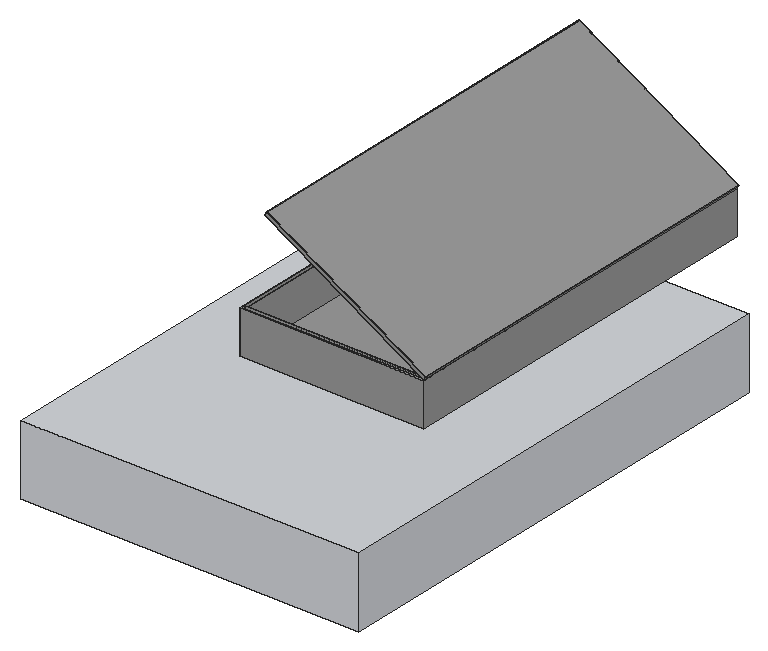
Revit family "Hager-Univers-IP44-D205-H1700-Cl.II-Encl-CH-de", category Equipement électrique, Revit 2020
Family settings
  Hôte = Face
  Configuration du panneau = Deux colonnes, circuits au sein
  Cote de connecteur circulaire = Utiliser le diamètre
  Type d'élément = Tableau de raccordement
  Couper avec des vides une fois chargée = Non
  Partagée = Non
  Point de calcul de pièce = Non
Parameters (values of type "Aufputz IP44 B800 H1700 T205  - FP13SN2")
  Width Control [instance] = if([EF000008 - Breite] > Min Width, [EF000008 - Breite], Min Width)  # 800 mm
  Commentaires du type = [HG000003 - Bereich]  # "Univers"
  Thickness Door [instance] = if([EF009171 - Materialstärke Tür/Deckel] > 3 mm, 3 mm, [EF009171 - Materialstärke Tür/Deckel])  # 1 mm
  Seal Frame Offset [instance] = 17 mm  # constant formula
  Plinth Visibility [instance] = [HG000027 - Sockelhöhe] > 0 mm  # no
  Model = ""
  Min Width [instance] = 100 mm  # constant formula
  Min Height [instance] = 100 mm  # constant formula
  Min Depth [instance] = (2 * [EF009170 - Materialstärke Gehäuse]) + 1 mm  # 3 mm
  Internal Frame Depth [instance] = (Door System Depth * 0.5)  # 9 mm
  Height Control [instance] = if([EF000040 - Höhe] > Min Height, [EF000040 - Höhe], Min Height)  # 1700 mm
  HG000027 - Sockelhöhe = 0 mm
  HG000026 - Stehend auf dem Boden = no
  HG000024 - Höhe des unteren Teils = 800 mm
  HG000023 - Gehäuse mit doppeltem Querschnitt = no
  HG000016 - 3D-Türsichtbarkeit [instance] = yes
  HG000015 - Sichtbarkeit der Türöffnung [instance] = no
  HG000014 - Tür rechts [instance] = yes
  HG000013 - Tür links [instance] = not([HG000014 - Tür rechts])  # no
  HG000012 - Türschwenkwinkel [instance] = 30.00°
  HG000010 - Asymmetrische Türen = no
  HG000009 - Doppelflügeligen Tür = no
  HG000006 - Unterputz = no
  HG000004 - Herstellerreferenz = "FP13SN2"
  HG000003 - Bereich = "Univers"
  HG000002 - Mit tür = yes
  Frame Offset Bottom [instance] = 10 mm  # constant formula
  Frame Offset [instance] = 15 mm  # constant formula
  EF015940 - Deckel mit Überdruckentlastung = no
  EF011959 - Schutzart (NEMA) = ""
  EF009554 - Anzahl der Öffnungen für Flanschplatten = 6
  Fabricant = "Hager"  # constant formula
  EF009212 - Ausführung Deckel = "EV000116 - geschlossen"
  EF009171 - Materialstärke Tür/Deckel = 1 mm
  EF009170 - Materialstärke Gehäuse = 1 mm
  EF008873 - Nennstrom (In) = 400 A
  EF007800 - Geeignet für Blitzschutz = no
  EF006306 - Mit Schloss = no
  EF006244 - Transparenter Deckel/Tür = no
  EF005474 - Schutzart (IP) = "EV006418 - IP44"
  EF004464 - Art der Tür = "EV002646 - Einzel"
  EF004427 - Anzahl der Module = 396
  EF004293 - Schlagfestigkeit = "EV006815 - IK09"
  EF003532 - Geeignet für Außengebrauch = no
  EF002950 - Breite in Teilungseinheiten = 36
  EF001613 - Funktionserhalt = "EV000494 - ohne"
  EF001596 - Werkstoff des Gehäuses = "EV000179 - Stahl"
  EF001131 - Innentiefe = 143 mm
  EF001088 - Anbaumöglichkeit = yes
  EF000437 - Anzahl der Leitungseinführungen = 6
  EF000339 - Art der Abdeckung = "EV001012 - Deckel"
  EF000266 - Anzahl der Reihen = 11
  EF000218 - Einbautiefe = 205 mm
  EF000118 - Mit Montageplatte = no
  EF000116 - RAL-Nummer = "9010"
  EF000049 - Tiefe = 205 mm
  EF000040 - Höhe = 1700 mm
  EF000008 - Breite = 800 mm
  EF000007 - Farbe = "EV000202 - weiß"
  EF000003 - Montageart = "EV000384 - Aufputz"
  Door System Leaf Tolerance [instance] = 1.5 mm  # constant formula
  Door System Depth [instance] = 18 mm  # constant formula
  Door Height [instance] = Height Control - [HG000027 - Sockelhöhe]  # 1700 mm
  Depth Control [instance] = if([EF000049 - Tiefe] > Min Depth, [EF000049 - Tiefe], Min Depth)  # 205 mm
  Default Elevation = 0 mm
  Connector Offset [instance] = Height Control / 2  # 850 mm
  Bottom Top Plate Trim [instance] = 1.5 mm  # constant formula
  Plinth height Ctrl [instance] = if([HG000027 - Sockelhöhe] > 0 mm, [HG000027 - Sockelhöhe], 12 mm)  # 12 mm
Types (5, lengths in mm): name | Width Control | HG000010 - Asymmetrische Türen | HG000009 - Doppelflügeligen Tür | HG000004 - Herstellerreferenz | EF009554 - Anzahl der Öffnungen für Flanschplatten | EF008873 - Nennstrom (In) | EF004464 - Art der Tür | EF004427 - Anzahl der Module | EF002950 - Breite in Teilungseinheiten | EF000437 - Anzahl der Leitungseinführungen | EF000008 - Breite
  Aufputz IP44 B1050 H1700 T205  - FP14SN2 | 1050 | no | yes | "FP14SN2" | 8 | 400 A | "EV003602 - Doppel" | 528 | 48 | 8 | 1050
  Aufputz IP44 B1300 H1700 T205  - FP15SN2 | 1300 | yes | yes | "FP15SN2" | 10 | 400 A | "EV003602 - Doppel" | 660 | 60 | 10 | 1300
  Aufputz IP44 B300 H1700 T205  - FP11SN2 | 300 | no | no | "FP11SN2" | 2 | 250 A | "EV002646 - Einzel" | 132 | 12 | 2 | 300
  Aufputz IP44 B550 H1700 T205  - FP12SN2 | 550 | no | no | "FP12SN2" | 4 | 250 A | "EV002646 - Einzel" | 264 | 24 | 4 | 550
  Aufputz IP44 B800 H1700 T205  - FP13SN2 | 800 | no | no | "FP13SN2" | 6 | 400 A | "EV002646 - Einzel" | 396 | 36 | 6 | 800
Reference planes
  plane 1 "Center (Front/Back)": y = 0
  plane 2: z = 0
  plane 3 "Center (Left/Right)": x = 0
  plane 4: z = 205
  plane 5: y = 1
  plane 6: y = 850
  plane 7: y = 0
  plane 8: y = 1700
  plane 9: z = 0
  plane 10: x = -385
  plane 11: x = 385
  plane 12: x = 384
  plane 13: x = -384
  plane 14: y = 1699
  plane 15: x = -383
  plane 16: x = -400
  plane 17: x = 383
  plane 18: x = 400
  plane 19: x = 399
  plane 20: x = -399
  plane 21: y = 11
  plane 22: y = 1700
  plane 23: y = 1684
  plane 24: z = 187
  plane 25: z = 1
  plane 26: z = 186
  plane 27: z = 204
Forms (mm)
  Extrusion 1, solid
    sketch origin (0, 0, 0) x (1, 0, 0) y (0, 1, 0)
      loop
        line (-702.964, 1305) -> (-702.964, -811.445) -> (766.763, -811.445) -> (766.763, 1305) -> (-702.964, 1305)
    from 0 to -304.8
  Extrusion 2, solid, material "Hager_Steel_RAL7035_Light_Grey", visible <- "Plinth Visibility", detail levels medium+fine
    sketch origin (0, 0, 0) x (1, 0, 0) y (0, 1, 0)
      loop
        line (-400, 0) -> (400, 0) -> (400, 12) -> (-400, 12) -> (-400, 0)
    from 0 to 187
  Extrusion 3, solid, material "Hager_Steel_RAL7035_Light_Grey", detail levels medium+fine
    sketch origin (0, 0, 0) x (1, 0, 0) y (0, 1, 0)
      loop
        line (-400, 0) -> (400, 0) -> (400, 1700) -> (-400, 1700) -> (-400, 0)
    from 0 to 187
  Extrusion 4, void
    sketch origin (0, 0, 0) x (1, 0, 0) y (0, 1, 0)
      loop
        line (-399, 1) -> (399, 1) -> (399, 1699) -> (-399, 1699) -> (-399, 1)
    from 1 to 186
  Extrusion 5, void
    sketch origin (-381.607, -4572, 187) x (0, -1, 0) y (-1, 0, 0)
      loop
        line (-4583, 2.393) -> (-6256, 2.393) -> (-6256, -765.607) -> (-4583, -765.607) -> (-4583, 2.393)
    from 0 to 1 <- "EF009170 - Materialstärke Gehäuse"
  Extrusion 6, solid, material "Hager_Steel_RAL7035_Light_Grey", detail levels fine
    sketch origin (0, 0, 187) x (1, 0, 0) y (0, 1, 0)
      loop
        line (-384, 1684) -> (-384, 11) -> (384, 11) -> (384, 1684) -> (-384, 1684)
      loop
        line (-385, 10) -> (385, 10) -> (385, 1685) -> (-385, 1685) -> (-385, 10)
    from 0 to 9 <- "Internal Frame Depth"
  Extrusion 7, solid, material "Hager_Steel_RAL7035_Light_Grey", detail levels coarse
    sketch origin (0, 0, 0) x (1, 0, 0) y (0, 1, 0)
      loop
        line (-400, 0) -> (400, 0) -> (400, 1700) -> (-400, 1700) -> (-400, 0)
    from 0 to 205
  Sweep 8, void
    path in 3D
      loop
        line (-400, 12, 0) -> (400, 12, 0) -> (400, 12, 187) -> (-400, 12, 187) -> (-400, 12, 0)
    profile origin (-400, 12, 93.5) x (-1, 0, 0) y (0, -1, 0)
      loop
        line (0, 0) -> (0, 1.5) -> (-1.5, 1.5)
        arc (-1.5, 1.5) -> (-1.061, 0.439) -> (0, 0) r 1.5
Cuts and joins
  Extrusion 4, Extrusion 5 cuts Extrusion 3
  Sweep 8 cuts Extrusion 2
Lines and regions (mm)
  Masking region 1
    outline origin (0, 0, 0) x (1, 0, 0) y (0, 0, 1)
      loop
        line (-400, 205) -> (-400, 0) -> (400, 0) -> (400, 205) -> (-400, 205)
  Masking region 2, detail levels medium+fine
    outline origin (0, 140, 0) x (0, 1, 0) y (0, 0, 1)
      loop
        line (-140, 0) -> (1560, 0) -> (1560, 187) -> (-140, 187) -> (-140, 0)
  Masking region 3, not visible, detail levels medium+fine
    outline origin (0, 297.922, 0) x (0, 1, 0) y (0, 0, 1)
      loop
        line (563.578, 0) -> (603.578, 0) -> (603.578, 194)
        arc (603.578, 194) -> (600.649, 201.071) -> (593.578, 204) r 10
        line (593.578, 204) -> (563.578, 204) -> (563.578, 0)
  Masking region 4, detail levels coarse
    outline origin (0, 0, 180) x (0, 1, 0) y (0, 0, 1)
      loop
        line (0, -180) -> (1700, -180) -> (1700, 25) -> (0, 25) -> (0, -180)
  Masking region 5, visible <- "Plinth Visibility", detail levels medium+fine
    outline origin (0, 52.24, 12.345) x (0, 0, -1) y (0, 1, 0)
      loop
        line (10.845, -40.24) -> (-173.155, -40.24)
        arc (-173.155, -40.24) -> (-173.594, -41.301) -> (-174.655, -41.74) r 1.5
        line (-174.655, -41.74) -> (-174.655, -52.24) -> (12.345, -52.24) -> (12.345, -41.74)
        arc (12.345, -41.74) -> (11.285, -41.301) -> (10.845, -40.24) r 1.5
  Masking region 6, detail levels medium+fine
    outline origin (-381.607, -4572, 187) x (-1, 0, 0) y (0, -1, 0)
      loop
        line (18.393, -6272) -> (18.393, -4572) -> (-781.607, -4572) -> (-781.607, -6272) -> (18.393, -6272)
  Masking region 7, visible <- "Plinth Visibility", detail levels medium+fine
    outline origin (-381.607, -4727, 187) x (-1, 0, 0) y (0, -1, 0)
      loop
        arc (16.893, -4739) -> (17.332, -4737.939) -> (18.393, -4737.5) r 1.5
        line (18.393, -4737.5) -> (18.393, -4727) -> (-781.607, -4727) -> (-781.607, -4737.5)
        arc (-781.607, -4737.5) -> (-780.546, -4737.939) -> (-780.107, -4739) r 1.5
        line (-780.107, -4739) -> (16.893, -4739)
  Masking region 8, detail levels coarse
    outline origin (-442.548, -4669.526, 187) x (-1, 0, 0) y (0, -1, 0)
      loop
        line (-42.548, -6369.526) -> (-42.548, -4669.526) -> (-842.548, -4669.526) -> (-842.548, -6369.526) -> (-42.548, -6369.526)
  sketch lines
    curve 1: line (-400, 12, 187) -> (-400, 12, 0)
    curve 2: line (400, 12, 187) -> (-400, 12, 187)
    curve 3: line (400, 12, 187) -> (400, 12, 0)
    curve 4: line (-400, 12, 0) -> (400, 12, 0)
Dimensions and locks
  "Depth Control": plane 4 to Extrusion 1
  "HG000027 - Sockelhöhe": plane 1 "Center (Front/Back)" to plane 7
  "EF009170 - Materialstärke Gehäuse": plane 5 to plane 7
  locked: connector elem to plane 3 "Center (Left/Right)"
  equal spacing: plane 8, plane 6, plane 7
  locked: connector elem to plane 6
  "EF009170 - Materialstärke Gehäuse": plane 8 to plane 14
  "EF009170 - Materialstärke Gehäuse": plane 10 to plane 13
  "EF009170 - Materialstärke Gehäuse": plane 12 to plane 11
  "Frame Offset": plane 20 to plane 13
  "Frame Offset": plane 12 to plane 19
  "EF009170 - Materialstärke Gehäuse": plane 16 to plane 20
  "EF009170 - Materialstärke Gehäuse": plane 19 to plane 18
  "Seal Frame Offset": plane 16 to plane 15
  "Seal Frame Offset": plane 17 to plane 18
  "Frame Offset Bottom": plane 21 to plane 5
  "Frame Offset": plane 14 to plane 23
  equal spacing: plane 16, plane 3 "Center (Left/Right)", plane 18
  "Width Control": plane 16 to plane 18
  "EF009170 - Materialstärke Gehäuse": plane 4 to plane 27
  "EF009170 - Materialstärke Gehäuse": plane 24 to plane 26
  "EF009170 - Materialstärke Gehäuse": plane 25 to level
  "Door System Depth": plane 4 to plane 24
  "Height Control": plane 1 "Center (Front/Back)" to Extrusion 7 sketch curve
  "Height Control": Masking region 4 sketch curve to plane 1 "Center (Front/Back)"
  "Height Control": plane 1 "Center (Front/Back)" to plane 22
  "Bottom Top Plate Trim": profile plane to Sweep 8 sketch curve
  "Bottom Top Plate Trim": Sweep 8 sketch curve to profile plane
  "Plinth height Ctrl": plane 1 "Center (Front/Back)" to Extrusion 2 sketch curve
  "Plinth height Ctrl": Masking region 5 sketch curve to plane 1 "Center (Front/Back)"
  "Plinth height Ctrl": plane 1 "Center (Front/Back)" to Masking region 7 sketch curve
  "Thickness Door": Extrusion 6 sketch curve to Extrusion 6 sketch curve  (x3)
  "Thickness Door": cut or joined group of Extrusion 3, Extrusion 4, Extrusion 5 to Extrusion 6 sketch curve
  radius of Masking region 3 sketch curve = 10 mm
  "Bottom Top Plate Trim": radius of Masking region 5 sketch curve  (x2)
  "Bottom Top Plate Trim": radius of Sweep 8 sketch curve
  "Bottom Top Plate Trim": radius of Masking region 7 sketch curve  (x2)
  aligned and locked: plane 2 to Extrusion 1
  aligned and locked: level to Extrusion 1
  aligned and locked: level to Masking region 1 sketch curve
  aligned and locked: Masking region 1 sketch curve to plane 18
  aligned and locked: Masking region 1 sketch curve to plane 16
  aligned and locked: plane 7 to Masking region 2 sketch curve
  aligned and locked: level to Masking region 3 sketch curve
  aligned and locked: Masking region 3 sketch curve to plane 27
  aligned and locked: level to Masking region 2 sketch curve
  aligned and locked: plane 1 "Center (Front/Back)" to Extrusion 2 sketch curve
  aligned and locked: Extrusion 3 sketch curve to plane 7
  aligned and locked: plane 16 to Extrusion 3 sketch curve
  aligned and locked: plane 18 to Extrusion 3 sketch curve
  aligned and locked: plane 20 to Extrusion 4 sketch curve
  aligned and locked: plane 19 to Extrusion 4 sketch curve
  aligned and locked: Extrusion 4 sketch curve to plane 5
  aligned and locked: Extrusion 4 to plane 25
  aligned and locked: plane 26 to Extrusion 4
  aligned and locked: plane 24 to Extrusion 3
  aligned and locked: Extrusion 5 sketch curve to plane 21
  aligned and locked: Extrusion 5 sketch curve to plane 13
  aligned and locked: Extrusion 5 sketch curve to plane 12
  aligned and locked: plane 18 to Extrusion 7 sketch curve
  aligned and locked: plane 1 "Center (Front/Back)" to Extrusion 7 sketch curve
  aligned and locked: plane 16 to Extrusion 7 sketch curve
  aligned and locked: plane 4 to Extrusion 7
  aligned and locked: Extrusion 7 to level
  aligned and locked: level to Masking region 4 sketch curve
  aligned and locked: Masking region 4 sketch curve to plane 1 "Center (Front/Back)"
  aligned and locked: Masking region 4 sketch curve to plane 4
  aligned and locked: nested 1 to level
  aligned and locked: nested 1 to plane 16
  aligned and locked: plane 8 to Extrusion 3 sketch curve
  aligned and locked: plane 23 to Extrusion 5 sketch curve
  aligned and locked: plane 14 to Extrusion 4 sketch curve
  aligned and locked: Masking region 2 sketch curve to plane 8
  aligned and locked: level to Masking region 5 sketch curve
  aligned and locked: plane 16 to Extrusion 2 sketch curve
  aligned and locked: plane 18 to Extrusion 2 sketch curve
  aligned and locked: Masking region 5 sketch curve to plane 24
  aligned and locked: Masking region 2 sketch curve to plane 24
  aligned and locked: plane 24 to Extrusion 2
  aligned and locked: profile plane to Sweep 8 sketch curve  (x2)
  aligned and locked: Masking region 6 sketch curve to plane 18
  aligned and locked: Masking region 6 sketch curve to plane 22
  aligned and locked: Masking region 6 sketch curve to plane 16
  aligned and locked: plane 8 to plane 22
  aligned and locked: Masking region 6 sketch curve to plane 7
  aligned and locked: Masking region 7 sketch curve to plane 16
  aligned and locked: Masking region 7 sketch curve to plane 1 "Center (Front/Back)"
  aligned and locked: Masking region 7 sketch curve to plane 18
  aligned and locked: Masking region 8 sketch curve to plane 1 "Center (Front/Back)"
  aligned and locked: Masking region 8 sketch curve to plane 18
  aligned and locked: Masking region 8 sketch curve to plane 22
  aligned and locked: Masking region 8 sketch curve to plane 16
  aligned and locked: nested 2 to plane 7
  aligned and locked: plane 3 "Center (Left/Right)" to nested 2
  aligned and locked: nested 2 to plane 24
  aligned and locked: Extrusion 6 sketch curve to cut or joined group of Extrusion 3, Extrusion 4, Extrusion 5  (x4)
Automatic sketch dimensions
  Extrusion 1 sketch curve to Extrusion 1 sketch curve = 1469.727 mm
  Extrusion 1 sketch curve to Extrusion 1 sketch curve = 2116.445 mm
  Masking region 1 sketch curve to plane 4 = 0 mm
  plane 6 to Masking region 3 sketch curve = 11.5 mm
  Masking region 3 sketch curve to Masking region 3 sketch curve = 30 mm
  Masking region 5 sketch curve to plane 1 "Center (Front/Back)" = 0 mm
Nested families
  nested 1: "Hager_Enclosure_Symbol" at (-400, 0, 0) x (1, 0, 0) z (0, -1, 0), Height <- "Depth Control", Width <- "Width Control", type "Hager_Enclosure_Symbol"
    with Width_Ctrl 800 mm, Width 800 mm, Height_Ctrl 205 mm, Height 205 mm, A_Width_Int 13.453 mm, A_Width 161.438 mm, A_Height_Ctrl 179.375 mm, A_Height 179.375 mm
  nested 2: "EC000058_Univers_Door" at (0, 0, 187) x (1, 0, 0) z (0, 1, 0), Leaf_Tolerance <- "Door System Leaf Tolerance", Angle <- "HG000012 - Türschwenkwinkel", Door_Depth <- "Door System Depth", Door_Left <- "HG000013 - Tür links", Transparent <- "EF006244 - Transparenter Deckel/Tür", Assymetrical <- "HG000010 - Asymmetrische Türen", Width <- "Width Control", Clearance <- "HG000015 - Sichtbarkeit der Türöffnung", Double <- "HG000009 - Doppelflügeligen Tür", 3d_Door <- "HG000016 - 3D-Türsichtbarkeit", Lock_Visibility <- "EF006306 - Mit Schloss", Width_Ctrl <- "Width Control", Door_Right <- "HG000014 - Tür rechts", Door <- "HG000002 - Mit tür", Height <- "Door Height", Thickness <- "Thickness Door", type "EC000058_Univers_Door", detail levels medium+fine
    with min_wh 3 mm, Width_Ctrl 800 mm, Width 800 mm, Transparent no, Thickness 1 mm, Seal_Material Hager_Rubber, Lock_Visibility no, Lock_Material Hager_Plastic_RAL9005_Jet_Black, Leaf_Width 800 mm, Leaf_Tolerance_External_Sides 0 mm, Leaf_Tolerance 1.5 mm, Leaf_Offset 0 mm, Leaf_Height 1697 mm, Leaf_2_Width 800 mm, Leaf_2_Offset 400 mm, Leaf_1_Width 800 mm, Leaf_1_Offset 400 mm, Height_Ctrl 1700 mm, Height 1700 mm, Glass_Material Hager_Glass, Double_Clearance_Ctrl no, Double no, Door_Right_Ctrl yes, Door_Right yes, Door_Material Hager_Steel_RAL7035_Light_Grey, Door_Left_Ctrl no, Door_Left no, Door_Depth 18 mm, Door yes, Clearance_Material Hager_Clearance, Clearance_Depth 800 mm, Clearance_Ctrl no, Clearance no, Assymetrical no, Angle 30.00°, 3d_Door yes
Connectors
  electrical at (0, 850, 0)
    settings: on plane 9, index 1, voltage 0 V, apparent load 0 VA, apparent load phase1 0 VA, apparent load phase2 0 VA, apparent load phase3 0 VA, power factor 1, load classification "Other", number of poles 1, system type 30, power factor state 1, is connector primary yes, connector utility no, sub classification motor no, connector description ""
Definition of nested family "EC000058_Univers_Door"
  Parameters (values of type "EC000058_Univers_Door")
    min_wh [instance] = (2 * Thickness) + 1 mm  # 11 mm
    Width_Ctrl [instance] = 400 mm
    Width [instance] = 500 mm
    Transparent [instance] = yes
    Thickness [instance] = 5 mm
    Seal_Material [instance] = none
    Lock_Visibility [instance] = yes
    Lock_Material [instance] = none
    Leaf_Width [instance] = if((Width_Ctrl - 2 * Leaf_Tolerance_External_Sides) > 0 mm, (Width_Ctrl - 2 * Leaf_Tolerance_External_Sides), min_wh)  # 400 mm
    Leaf_Tolerance_External_Sides [instance] = 0 mm  # constant formula
    Leaf_Tolerance [instance] = 1.5 mm
    Leaf_Offset [instance] = 0 mm  # constant formula
    Leaf_Height [instance] = if((Height_Ctrl - 2 * Leaf_Tolerance) > 0 mm, (Height_Ctrl - 2 * Leaf_Tolerance), min_wh)  # 497 mm
    Leaf_2_Width [instance] = if(and(and(Double, Assymetrical), Door_Left), (Leaf_Width / 3) - (Leaf_Tolerance / 2), if(and(and(Double, Assymetrical), Door_Right), (Leaf_Width / 3) * 2 - (Leaf_Tolerance / 2), if(and(Double, not(Assymetrical)), (Leaf_Width / 2) - Leaf_Tolerance, Leaf_Width)))  # 400 mm
    Leaf_2_Offset [instance] = if(and(Double, Assymetrical), Leaf_2_Width / 2, if(and(Double, not(Assymetrical)), Leaf_Width / 4, Leaf_Width / 2))  # 200 mm
    Leaf_1_Width [instance] = if(and(and(Double, Assymetrical), Door_Right), (Leaf_Width / 3) - (Leaf_Tolerance / 2), if(and(and(Double, Assymetrical), Door_Left), (Width / 3) * 2 - (Leaf_Tolerance / 2), if(and(Double, not(Assymetrical)), (Leaf_Width / 2) - Leaf_Tolerance, Leaf_Width)))  # 400 mm
    Leaf_1_Offset [instance] = if(and(Double, Assymetrical), Leaf_1_Width / 2, if(and(Double, not(Assymetrical)), Leaf_Width / 4, Leaf_Width / 2))  # 200 mm
    Height_Ctrl [instance] = if(Height > min_wh, Height, min_wh)  # 500 mm
    Height [instance] = 500 mm
    Glass_Material [instance] = none
    Double_Clearance_Ctrl [instance] = and(Double, Clearance)  # no
    Double [instance] = no
    Door_Right_Ctrl [instance] = and(or(Door_Right, Double), Door)  # yes
    Door_Right [instance] = yes
    Door_Material [instance] = none
    Door_Left_Ctrl [instance] = and(or(Door_Left, Double), Door)  # no
    Door_Left [instance] = no
    Door_Depth [instance] = 30 mm
    Door [instance] = yes
    Default Elevation = 1219.2 mm
    Clearance_Material [instance] = none
    Clearance_Depth [instance] = if(Leaf_1_Width > Leaf_2_Width, Leaf_1_Width, Leaf_2_Width)  # 400 mm
    Clearance_Ctrl [instance] = and(not(Double), Clearance)  # yes
    Clearance [instance] = yes
    Assymetrical [instance] = yes
    Angle [instance] = 30.00°
    3d_Door [instance] = yes
  Reference planes
    plane 1 "Center (Front/Back)": y = 0
    plane 2 "Bottom": z = 0
    plane 3 "Center (Left/Right)": x = 0
    plane 4: z = 500
    plane 5: x = -200
    plane 6: x = 200
    plane 7: z = 500
    plane 8: x = -200
    plane 9: z = 0
    plane 10: x = 200
    plane 11: y = 0
    plane 12: z = 1.5
    plane 13: x = -600
    plane 14: y = -400
    plane 15: x = 600
    plane 16: x = 0
    plane 17: x = 0
    plane 18: x = -200
    plane 19: x = 200
    plane 20: z = 498.5
  Forms (mm)
    Extrusion 1, solid, material <- "Clearance_Material", visible <- "Double_Clearance_Ctrl"
      sketch origin (1200, 0, 0) x (1, 0, 0) y (0, 0, -1)
        loop
          line (-1800, -498.5) -> (-600, -498.5) -> (-600, 0) -> (-1800, 0) -> (-1800, -498.5)
      from 0 to -400
  Dimensions and locks
    equal spacing: plane 5, plane 3 "Center (Left/Right)", plane 6
    "Width_Ctrl": plane 5 to plane 6
    "Leaf_Offset": plane 5 to plane 8
    "Leaf_Offset": plane 6 to plane 10
    "Leaf_Offset": plane 9 to level
    "Leaf_Offset": plane 4 to plane 7
    "Height_Ctrl": plane 4 to level
    "Leaf_Tolerance": plane 12 to plane 9
    locked: plane 11 to plane 1 "Center (Front/Back)"
    "Leaf_1_Offset": plane 18 to plane 16
    "Leaf_2_Offset": plane 17 to plane 19
    "Leaf_1_Width": plane 13 to plane 8
    "Leaf_2_Width": plane 10 to plane 15
    "Clearance_Depth": plane 14 to plane 1 "Center (Front/Back)"
    "Leaf_Tolerance_External_Sides": plane 8 to plane 18
    "Leaf_Tolerance_External_Sides": plane 19 to plane 10
    "Leaf_Tolerance": plane 7 to plane 20
    aligned and locked: level to plane 2 "Bottom"
    aligned and locked: nested 1 to plane 16
    aligned and locked: nested 2 to plane 17
    aligned and locked: Extrusion 1 to plane 13
    aligned and locked: plane 15 to Extrusion 1
    aligned and locked: Extrusion 1 to plane 14
    aligned and locked: plane 12 to nested 1
    aligned and locked: nested 2 to plane 12
    aligned and locked: Extrusion 1 to plane 11
    aligned and locked: plane 20 to Extrusion 1
    aligned and locked: nested 2 to plane 11
    aligned and locked: nested 1 to plane 11
  Automatic sketch dimensions
    Extrusion 1 sketch curve to level = 0 mm
    plane 5 to Extrusion 1 sketch curve = 400 mm
    plane 6 to Extrusion 1 sketch curve = 400 mm
    Extrusion 1 sketch curve to plane 4 = 1.5 mm
  Nested families
    nested 1: "EC000058_Univers_Door_Leaf" at (0, 0, 1.5), Width <- "Leaf_1_Width", visible <- "Door_Left_Ctrl", Leaf_Height <- "Leaf_Height", Angle <- "Angle", 3d_Door <- "3d_Door", Transparent <- "Transparent", Clearance Material <- "Clearance_Material", Clearance <- "Clearance_Ctrl", Door_Material <- "Door_Material", Glass_Material <- "Glass_Material", Door_Depth <- "Door_Depth", Lock_Material <- "Lock_Material", Seal_Material <- "Seal_Material", Lock_Visibility <- "Lock_Visibility", Thickness <- "Thickness", type "EC000058_Univers_Door_Leaf"
      with Width 400 mm, Transparent_Glass_Offset 30 mm, Transparent_Ctrl yes, Transparent yes, Thickness 5 mm, Standard no, Seal_Material none, Seal_D2 8 mm, Seal_D1 1 mm, Offset_Internal_Frame 10 mm, Lock_Width 20 mm, Lock_Visibility_3d yes, Lock_Visibility yes, Lock_Thickness_3 3 mm, Lock_Thickness_2 1 mm, Lock_Thickness_1 3 mm, Lock_Radius_Offset_2 16 mm, Lock_Radius_Offset_1 15 mm, Lock_Radius_2 5 mm, Lock_Radius 6 mm, Lock_Offset 5 mm, Lock_Material none, Lock_Height 80 mm, Lock_Cover_Top_Offset_2d 17 mm, Lock_Cover_Height -65 mm, Leaf_Height 497 mm, Internal_Seal_Thickness 8 mm, Internal_Seal_Depth_2 4.5 mm, Internal_Frame_Depth 25 mm, Glass_Thickness -1 mm, Glass_Offset -2 mm, Glass_Material none, Door_Material none, Door_Depth 30 mm, Clearance Material none, Clearance yes, Angle_Ctrl 30.00°, Angle 30.00°, 3d_Door yes
    nested 2: "EC000058_Univers_Door_Leaf" at (0, 0, 1.5) x (-1, 0, 0) z (0, 0, 1), Width <- "Leaf_2_Width", visible <- "Door_Right_Ctrl", Leaf_Height <- "Leaf_Height", Angle <- "Angle", 3d_Door <- "3d_Door", Transparent <- "Transparent", Clearance Material <- "Clearance_Material", Clearance <- "Clearance_Ctrl", Door_Material <- "Door_Material", Glass_Material <- "Glass_Material", Door_Depth <- "Door_Depth", Lock_Material <- "Lock_Material", Seal_Material <- "Seal_Material", Lock_Visibility <- "Lock_Visibility", Thickness <- "Thickness", type "EC000058_Univers_Door_Leaf"
      with Width 400 mm, Transparent_Glass_Offset 30 mm, Transparent_Ctrl yes, Transparent yes, Thickness 5 mm, Standard no, Seal_Material none, Seal_D2 8 mm, Seal_D1 1 mm, Offset_Internal_Frame 10 mm, Lock_Width 20 mm, Lock_Visibility_3d yes, Lock_Visibility yes, Lock_Thickness_3 3 mm, Lock_Thickness_2 1 mm, Lock_Thickness_1 3 mm, Lock_Radius_Offset_2 16 mm, Lock_Radius_Offset_1 15 mm, Lock_Radius_2 5 mm, Lock_Radius 6 mm, Lock_Offset 5 mm, Lock_Material none, Lock_Height 80 mm, Lock_Cover_Top_Offset_2d 17 mm, Lock_Cover_Height -65 mm, Leaf_Height 497 mm, Internal_Seal_Thickness 8 mm, Internal_Seal_Depth_2 4.5 mm, Internal_Frame_Depth 25 mm, Glass_Thickness -1 mm, Glass_Offset -2 mm, Glass_Material none, Door_Material none, Door_Depth 30 mm, Clearance Material none, Clearance yes, Angle_Ctrl 30.00°, Angle 30.00°, 3d_Door yes
  Definition of nested family "EC000058_Univers_Door_Leaf"
    Parameters (values of type "EC000058_Univers_Door_Leaf")
      Width [instance] = 2000 mm
      Transparent_Glass_Offset [instance] = 30 mm
      Transparent_Ctrl [instance] = and(Transparent, [3d_Door])  # yes
      Transparent [instance] = yes
      Thickness [instance] = 5 mm
      Standard [instance] = and(not(Transparent), [3d_Door])  # no
      Seal_Material [instance] = none
      Seal_D2 [instance] = 8 mm  # constant formula
      Seal_D1 [instance] = 1 mm  # constant formula
      Offset_Internal_Frame [instance] = 10 mm  # constant formula
      Lock_Width [instance] = 20 mm  # constant formula
      Lock_Visibility_3d [instance] = and(Lock_Visibility, [3d_Door])  # yes
      Lock_Visibility [instance] = yes
      Lock_Thickness_3 [instance] = 3 mm  # constant formula
      Lock_Thickness_2 [instance] = 1 mm  # constant formula
      Lock_Thickness_1 [instance] = 3 mm  # constant formula
      Lock_Radius_Offset_2 [instance] = Lock_Radius_Offset_1 + 1 mm  # 16 mm
      Lock_Radius_Offset_1 [instance] = 15 mm  # constant formula
      Lock_Radius_2 [instance] = Lock_Radius - 1 mm  # 5 mm
      Lock_Radius [instance] = 6 mm  # constant formula
      Lock_Offset [instance] = 5 mm  # constant formula
      Lock_Material [instance] = none
      Lock_Height [instance] = 80 mm  # constant formula
      Lock_Cover_Top_Offset_2d [instance] = Lock_Radius_Offset_2 + 1 mm  # 17 mm
      Lock_Cover_Height [instance] = -(Lock_Height - Lock_Radius_Offset_1)  # -65 mm
      Leaf_Height [instance] = 2720.336 mm
      Internal_Seal_Thickness [instance] = 8 mm  # constant formula
      Internal_Seal_Depth_2 [instance] = 4.5 mm  # constant formula
      Internal_Frame_Depth [instance] = if(Door_Depth - Thickness > 5 mm, Door_Depth - Thickness, 5 mm)  # 25 mm
      Glass_Thickness [instance] = if(Thickness > 15 mm, Glass_Offset + 10 mm, -1 mm)  # -1 mm
      Glass_Offset [instance] = if(Thickness > 15 mm, -(Thickness + 10 mm) / 2, -2 mm)  # -2 mm
      Glass_Material [instance] = none
      Door_Material [instance] = none
      Door_Depth [instance] = 30 mm
      Default Elevation = 0 mm
      Clearance Material [instance] = none
      Clearance [instance] = yes
      Angle_Ctrl [instance] = if(Angle > 180.00°, 180.00°, Angle)  # 90.00°
      Angle [instance] = 90.00°
      3d_Door [instance] = yes
    Reference planes
      plane 1 "Center (Front/Back)": y = 0
      plane 2: z = 0
      plane 3 "Center (Left/Right)": x = 0
      plane 4: y = 2000
      plane 5: x = -1000
      plane 6: x = 1000
      plane 7: x = -3000
      plane 8: z = 2720.336
      plane 9: z = 30
      plane 10: z = 2690.336
      plane 11: x = 970
      plane 12: x = -970
      plane 13: y = -3
      plane 14: z = 107.833
      plane 15: y = -5
      plane 16: y = -223.314
      plane 17: x = -1000
      plane 18: z = 1360.168
      plane 19: y = 30
    Forms (mm)
      Extrusion 1, solid, material <- "Clearance Material", visible <- "Clearance"
        sketch origin (0, 0, 0) x (1, 0, 0) y (0, 0, 1)
          loop
            line (-3000, 2720.336) -> (-3000, 0) -> (1000, 0) -> (1000, 2720.336) -> (-3000, 2720.336)
        from 0 to -2000
      Extrusion 2, solid, material <- "Door_Material", visible <- "Standard", detail levels medium+fine
        sketch origin (-1000, 0, 0) x (0, 1, 0) y (-1, 0, 0)
          loop
            line (0, 30) -> (0, 25) -> (2000, 25) -> (2000, 30) -> (0, 30)
        from 0 to 2720.336 <- "Leaf_Height"
      Extrusion 3, solid, material <- "Door_Material", visible <- "Transparent_Ctrl", detail levels medium+fine
        sketch origin (-1000, 0, 0) x (0, 1, 0) y (-1, 0, 0)
          loop
            line (0, 25) -> (2000, 25) -> (2000, 30) -> (0, 30) -> (0, 25)
        from 0 to 2720.336 <- "Leaf_Height"
      Extrusion 4, void
        sketch origin (-1025, 2000, 0) x (0, 1, 0) y (0, 0, -1)
          loop
            line (-30, -2690.336) -> (-30, -30) -> (-1970, -30) -> (-1970, -2690.336) -> (-30, -2690.336)
        from 0 to 5 <- "Thickness"
      Sweep 5, solid, material <- "Seal_Material", visible <- "Transparent_Ctrl", detail levels fine
        path in 3D
          loop
            line (-1025, 30, 30) -> (-1025, 30, 2690.336) -> (-1025, 1970, 2690.336) -> (-1025, 1970, 30) -> (-1025, 30, 30)
        profile origin (-1025, 1000, 30) x (1, 0, 0) y (0, 0, 1)
          loop
            line (0, 0) -> (0, -8) -> (1, -8) -> (1, 0) -> (0, 0)
      Extrusion 6, solid, material <- "Glass_Material", visible <- "Transparent_Ctrl", detail levels medium+fine
        sketch origin (-1030, 0, 0) x (0, 1, 0) y (0, 0, -1)
          loop
            line (1970, -2690.336) -> (1970, -30) -> (30, -30) -> (30, -2690.336) -> (1970, -2690.336)
        from -2 <- "Glass_Offset" to -1 <- "Glass_Thickness"
      Extrusion 7, solid, material <- "Door_Material", visible <- "3d_Door", detail levels medium+fine
        sketch origin (-1025, 2000, 0) x (0, -1, 0) y (0, 0, -1)
          loop
            line (0, -2720.336) -> (2000, -2720.336) -> (2000, 0) -> (0, 0) -> (0, -2720.336)
          loop
            line (1995, -5) -> (5, -5) -> (5, -2715.336) -> (1995, -2715.336) -> (1995, -5)
        from 0 to 25 <- "Internal_Frame_Depth"
      Sweep 8, solid, material <- "Seal_Material", visible <- "Transparent_Ctrl", detail levels fine
        path in 3D
          loop
            line (-1025, 0, 0) -> (-1025, 2000, 0) -> (-1025, 2000, 2720.336) -> (-1025, 0, 2720.336) -> (-1025, 0, 0)
        profile origin (-1025, 0, 1360.168) x (1, 0, 0) y (0, 1, 0)
          loop
            line (0, 10) -> (2.975, 10)
            arc (2.975, 10) -> (4.053, 10.447) -> (4.5, 11.525) r 1.525
            line (4.5, 11.525) -> (4.5, 16.527)
            arc (4.5, 16.527) -> (4.069, 17.569) -> (3.027, 18) r 1.473
            line (3.027, 18) -> (0, 18) -> (0, 10)
      Extrusion 9, solid, material <- "Lock_Material", visible <- "Lock_Visibility_3d", detail levels fine
        sketch origin (-1030, 0, 0) x (0, 1, 0) y (0, 0, -1)
          loop
            arc (1993.5, -1400.168) -> (1994.561, -1399.729) -> (1995, -1398.668) r 1.5
            line (1995, -1398.668) -> (1995, -1320.168) -> (1975, -1320.168) -> (1975, -1398.668)
            arc (1975, -1398.668) -> (1975.439, -1399.729) -> (1976.5, -1400.168) r 1.5
            line (1976.5, -1400.168) -> (1993.5, -1400.168)
        from 3 <- "Lock_Thickness_1" to 0
      Blend 10, solid, material <- "Lock_Material", visible <- "Lock_Visibility_3d", detail levels fine
        base sketch origin (-1033, 0, 0) x (0, 1, 0) y (0, 0, -1)
          loop
            line (1975, -1320.168) -> (1975, -1398.668)
            arc (1975, -1398.668) -> (1975.439, -1399.729) -> (1976.5, -1400.168) r 1.5
            line (1976.5, -1400.168) -> (1993.5, -1400.168)
            arc (1993.5, -1400.168) -> (1994.561, -1399.729) -> (1995, -1398.668) r 1.5
            line (1995, -1398.668) -> (1995, -1320.168) -> (1975, -1320.168)
        top sketch origin (-1033, 0, 0) x (0, 1, 0) y (0, 0, -1)
          loop
            line (1976, -1320.168) -> (1976, -1398.668)
            arc (1976, -1398.668) -> (1976.146, -1399.022) -> (1976.5, -1399.168) r 0.5
            line (1976.5, -1399.168) -> (1993.5, -1399.168)
            arc (1993.5, -1399.168) -> (1993.854, -1399.022) -> (1994, -1398.668) r 0.5
            line (1994, -1398.668) -> (1994, -1320.168) -> (1976, -1320.168)
        from 0 to 1 <- "Lock_Thickness_2"
      Blend 11, solid, material <- "Lock_Material", visible <- "Lock_Visibility_3d", detail levels fine
        base sketch origin (-1034, 0, 0) x (0, 1, 0) y (0, 0, -1)
          loop
            line (1978, -1320.168) -> (1978, -1384.168)
            arc (1978, -1384.168) -> (1985, -1391.168) -> (1992, -1384.168) r 7
            line (1992, -1384.168) -> (1992, -1320.168) -> (1978, -1320.168)
        top sketch origin (-1034, 0, 0) x (0, 1, 0) y (0, 0, -1)
          loop
            line (1991, -1320.168) -> (1979, -1320.168) -> (1979, -1383.168)
            arc (1979, -1383.168) -> (1985, -1389.168) -> (1991, -1383.168) r 6
            line (1991, -1383.168) -> (1991, -1320.168)
        from 0 to 3 <- "Lock_Thickness_3"
      Extrusion 12, solid, material <- "Lock_Material", visible <- "Lock_Visibility_3d", detail levels fine
        sketch origin (-1030, 1975, 1320.168) x (1, 0, 0) y (0, -1, 0)
          loop
            line (-7, -19) -> (-7, -1) -> (0, -1) -> (0, 0) -> (-8, 0) -> (-8, -20) -> (0, -20) -> (0, -19) -> (-7, -19)
        from 0 to -65 <- "Lock_Cover_Height"
      Extrusion 13, void
        sketch origin (-1038, 1995, 1320.168) x (-1, 0, 0) y (0, 0, -1)
          loop
            line (-5, -65) -> (0, -65) -> (-5, -60) -> (-5, -65)
        from 0 to 20 <- "Lock_Width"
      Extrusion 14, void
        sketch origin (-1038, 1975, 1320.168) x (0, -1, 0) y (0, 0, -1)
          loop
            circle (-10, -15.995) r 6
          loop
            circle (-10, -15.995) r 5
        from 0 to 2
      Extrusion 15, solid, material <- "Lock_Material", visible <- "Lock_Visibility_3d", detail levels medium
        sketch origin (-1030, 0, 0) x (0, 1, 0) y (0, 0, -1)
          loop
            arc (1993.5, -1400.168) -> (1994.561, -1399.729) -> (1995, -1398.668) r 1.5
            line (1995, -1398.668) -> (1995, -1320.168) -> (1975, -1320.168) -> (1975, -1398.668)
            arc (1975, -1398.668) -> (1975.439, -1399.729) -> (1976.5, -1400.168) r 1.5
            line (1976.5, -1400.168) -> (1993.5, -1400.168)
        from 8 to 0
    Cuts and joins
      Extrusion 4 cuts Extrusion 3
      Extrusion 13, Extrusion 14 cuts Extrusion 9
      Extrusion 14 cuts Blend 11
      Extrusion 13, Extrusion 14 cuts Extrusion 12
      joined: Extrusion 9, Blend 10, Blend 11, Extrusion 12
      Extrusion 14 cuts Extrusion 15
    Lines and regions (mm)
      Masking region 1, visible <- "Lock_Visibility", detail levels fine
        outline origin (0, 0, 0) x (0, 1, 0) y (0, 0, 1)
          loop
            line (30, 1320.168) -> (33, 1320.168) -> (33, 1400.168) -> (30, 1400.168) -> (30, 1320.168)
      Masking region 2, visible <- "Lock_Visibility", detail levels fine
        outline origin (0, 3.143, 0) x (0, 1, 0) y (0, 0, 1)
          loop
            line (29.857, 1354.168) -> (30.857, 1354.168) -> (30.857, 1366.168) -> (29.857, 1366.168) -> (29.857, 1354.168)
      Masking region 3, detail levels medium+fine
        outline origin (0, 0, 0) x (0, 1, 0) y (0, 0, 1)
          loop
            line (0, 0) -> (30, 0) -> (30, 2720.336) -> (0, 2720.336) -> (0, 0)
      Masking region 4, detail levels medium+fine
        outline origin (0, 0, 0) x (1, 0, 0) y (0, 0, 1)
          loop
            line (-1000, 2720.336) -> (-1000, 0) -> (1000, 0) -> (1000, 2720.336) -> (-1000, 2720.336)
      Masking region 5, visible <- "Lock_Visibility", detail levels fine
        outline origin (-47.116, 0, 0) x (1, 0, 0) y (0, 0, 1)
          loop
            arc (1024.616, 1399.168) -> (1023.556, 1398.729) -> (1023.116, 1397.668) r 1.5
            line (1023.116, 1397.668) -> (1023.116, 1320.168) -> (1041.116, 1320.168) -> (1041.116, 1397.668)
            arc (1041.116, 1397.668) -> (1040.677, 1398.729) -> (1039.616, 1399.168) r 1.5
            line (1039.616, 1399.168) -> (1024.616, 1399.168)
      Masking region 6, visible <- "Lock_Visibility", detail levels medium+fine
        outline origin (-25, 0, 0) x (1, 0, 0) y (0, 0, 1)
          loop
            arc (1001.5, 1400.168) -> (1000.439, 1399.729) -> (1000, 1398.668) r 1.5
            line (1000, 1398.668) -> (1000, 1320.168) -> (1020, 1320.168) -> (1020, 1398.668)
            arc (1020, 1398.668) -> (1019.561, 1399.729) -> (1018.5, 1400.168) r 1.5
            line (1018.5, 1400.168) -> (1001.5, 1400.168)
      Masking region 7, visible <- "Lock_Visibility", detail levels fine
        outline origin (-73.735, 0, 0) x (1, 0, 0) y (0, 0, 1)
          loop
            line (1051.735, 1382.168) -> (1065.735, 1382.168) -> (1065.735, 1384.168)
            arc (1065.735, 1384.168) -> (1058.735, 1391.168) -> (1051.735, 1384.168) r 7
            line (1051.735, 1384.168) -> (1051.735, 1382.168)
      Masking region 8, visible <- "Lock_Visibility", detail levels fine
        outline origin (-73.735, 0, 0) x (1, 0, 0) y (0, 0, 1)
          loop
            line (1052.735, 1382.168) -> (1064.735, 1382.168) -> (1064.735, 1383.168)
            arc (1064.735, 1383.168) -> (1058.735, 1389.168) -> (1052.735, 1383.168) r 6
            line (1052.735, 1383.168) -> (1052.735, 1382.168)
      Masking region 9, visible <- "Lock_Visibility", detail levels fine
        outline origin (-25, 0, 0) x (1, 0, 0) y (0, 0, 1)
          loop
            line (1020, 1320.168) -> (1020, 1382.168) -> (1000, 1382.168) -> (1000, 1320.168) -> (1020, 1320.168)
      Masking region 10, detail levels medium+fine
        outline origin (0, 0, 0) x (1, 0, 0) y (0, 0, 1)
          loop
            circle (985, 1335.144) r 6
      Masking region 11, detail levels fine
        outline origin (0, 0, 0) x (1, 0, 0) y (0, 0, 1)
          loop
            circle (985, 1335.144) r 5
      Masking region 12, visible <- "Lock_Visibility", detail levels fine
        outline origin (0, 12.767, 0) x (0, 1, 0) y (0, 0, 1)
          loop
            line (20.233, 1320.168) -> (21.233, 1320.168) -> (21.233, 1399.168) -> (20.233, 1400.168) -> (20.233, 1320.168)
      Masking region 13, visible <- "Lock_Visibility", detail levels fine
        outline origin (0, 13.767, -10) x (0, 1, 0) y (0, 0, 1)
          loop
            line (20.233, 1330.168) -> (23.233, 1330.168) -> (23.233, 1399.168) -> (20.233, 1402.168) -> (20.233, 1330.168)
      Masking region 14, visible <- "Lock_Visibility", detail levels fine
        outline origin (0, 12.767, -10) x (0, 1, 0) y (0, 0, 1)
          loop
            line (20.233, 1330.168) -> (25.233, 1330.168) -> (25.233, 1399.305) -> (20.233, 1394.305) -> (20.233, 1330.168)
      Masking region 15, visible <- "Lock_Visibility", detail levels medium
        outline origin (0, 0, 0) x (0, 1, 0) y (0, 0, 1)
          loop
            line (30, 1320.168) -> (38, 1320.168) -> (38, 1400.168) -> (30, 1400.168) -> (30, 1320.168)
      Masking region 16, visible <- "Lock_Visibility", detail levels fine
        outline origin (-1000, 0, 0) x (0, 1, 0) y (-1, 0, 0)
          loop
            line (1975, 30) -> (1995, 30) -> (1995, 38) -> (1975, 38) -> (1975, 30)
          loop
            line (1979, 37) -> (1976, 37) -> (1976, 34) -> (1978, 34) -> (1979, 37)
          loop
            line (1994, 37) -> (1991, 37) -> (1992, 34) -> (1994, 34) -> (1994, 37)
      Masking region 17, visible <- "Lock_Visibility", detail levels medium
        outline origin (-1000, 0, 0) x (0, 1, 0) y (-1, 0, 0)
          loop
            line (1975, 30) -> (1995, 30) -> (1995, 38) -> (1975, 38) -> (1975, 30)
      symbolic lines
        curve 1: line (1000, 0, 0) -> (-3000, 0, 0)
        curve 2: arc (1000, 0, 0) -> (-1000, 2000, 0) -> (-3000, 0, 0) r 2000
        curve 4: line (-1030, 0, 0) -> (-1030, 2000, 0)
      reference lines
        curve 3: line (-1000, 0, 0) -> (-1000, 2000, 0)
      symbolic lines, detail levels medium+fine
        curve 5: line (-1030, 2000, 0) -> (-1025, 2000, 0)
        curve 7: line (-1025, 0, 0) -> (-1030, 0, 0)
        curve 8: line (-1025, 0, 0) -> (-1000, 0, 0)
        curve 9: line (-1000, 0, 0) -> (-1000, 2000, 0)
        curve 10: line (-1000, 2000, 0) -> (-1025, 2000, 0)
      symbolic lines, detail levels fine
        curve 6: line (-1025, 2000, 0) -> (-1025, 0, 0)
      sketch lines
        curve 11: line (-1025, 0, 2720.336) -> (-1025, 0, 0)
        curve 12: line (-1025, 2000, 0) -> (-1025, 0, 0)
        curve 13: line (-1025, 2000, 2720.336) -> (-1025, 2000, 0)
        curve 14: line (-1025, 0, 2720.336) -> (-1025, 2000, 2720.336)
        curve 15: line (-1025, 1970, 30) -> (-1025, 30, 30)
        curve 16: line (-1025, 30, 30) -> (-1025, 30, 2690.336)
        curve 17: line (-1025, 1970, 2690.336) -> (-1025, 1970, 30)
        curve 18: line (-1025, 30, 2690.336) -> (-1025, 1970, 2690.336)
      symbolic lines, visible <- "Transparent", detail levels medium+fine
        curve 19: line (-970, 0, 2690.336) -> (970, 0, 2690.336)
        curve 20: line (-970, 0, 30) -> (-970, 0, 2690.336)
        curve 21: line (970, 0, 30) -> (-970, 0, 30)
        curve 22: line (970, 0, 2690.336) -> (970, 0, 30)
    Dimensions and locks
      "Width": plane 1 "Center (Front/Back)" to plane 4
      equal spacing: plane 5, plane 3 "Center (Left/Right)", plane 6
      "Width": plane 5 to plane 6
      "Width": plane 7 to plane 5
      "Leaf_Height": plane 8 to level
      "Width": curve 5 to curve 3
      "Width": curve 3 to curve 3
      plane 8 to plane 10 = 30 mm
      plane 9 to level = 30 mm
      plane 12 to plane 5 = 30 mm
      plane 6 to plane 11 = 30 mm
      Extrusion 1 to Extrusion 4 sketch curve = 30 mm
      "Transparent_Glass_Offset": curve 3 to Extrusion 4 sketch curve
      "Transparent_Glass_Offset": Extrusion 4 sketch curve to cut or joined group of Extrusion 3, Extrusion 4  (x2)
      cut or joined group of Extrusion 3, Extrusion 4 to Extrusion 6 sketch curve = 30 mm
      "Transparent_Glass_Offset": cut or joined group of Extrusion 3, Extrusion 4 to Extrusion 4 sketch curve
      "Thickness": curve 6 to curve 4
      "Thickness": Extrusion 7 sketch curve to Extrusion 7 sketch curve  (x4)
      "Door_Depth": curve 4 to curve 3
      "Offset_Internal_Frame": profile plane to Sweep 8 sketch curve
      "Internal_Seal_Thickness": Sweep 8 sketch curve to Sweep 8 sketch curve
      "Internal_Seal_Depth_2": profile plane to Sweep 8 sketch curve
      "Seal_D1": profile plane to Sweep 5 sketch curve
      "Seal_D2": profile plane to Sweep 5 sketch curve
      "Thickness": Extrusion 2 sketch curve to Extrusion 2 sketch curve
      equal spacing: Extrusion 9 sketch curve, plane 18, Extrusion 9 sketch curve  (x2)
      equal spacing: Masking region 1 sketch curve, plane 18, Masking region 1 sketch curve
      "Lock_Height": Masking region 1 sketch curve to Masking region 1 sketch curve
      "Lock_Radius": Masking region 2 sketch curve to plane 18 to Masking region 2 sketch curve
      Masking region 2 sketch curve to Masking region 1 = 1 mm
      "Door_Depth": plane 19 to plane 1 "Center (Front/Back)"
      "Lock_Thickness_1": Masking region 1 sketch curve to plane 19
      "Lock_Width": Extrusion 9 sketch curve to Extrusion 9 sketch curve
      "Lock_Height": Extrusion 9 sketch curve to Extrusion 9 sketch curve
      "Lock_Offset": cut or joined group of Extrusion 3, Extrusion 4 to Extrusion 9 sketch curve
      equal spacing: plane 8, plane 18, level
      "Lock_Radius_Offset_1": Blend 11 sketch curve to Blend 10
      locked: Blend 10 to Blend 11 sketch curve at 2  (x2)
      locked: var sketch to Blend 11 sketch curve at 1  (x2)
      "Lock_Radius_Offset_2": Blend 11 sketch curve to Blend 10
      locked: Extrusion 12 sketch curve to Extrusion 12 sketch curve at 1  (x3)
      Masking region 6 sketch curve to Masking region 6 sketch curve = 80 mm
      "Lock_Height": Masking region 6 sketch curve to Masking region 6 sketch curve
      "Lock_Width": Masking region 6 sketch curve to Masking region 6 sketch curve
      locked: Masking region 6 to Masking region 5 sketch curve at 1  (x3)
      locked: Masking region 5 to Masking region 7 sketch curve at 2  (x2)
      "Lock_Radius_Offset_1": Masking region 5 to Masking region 7 sketch curve
      "Lock_Radius_Offset_2": Masking region 5 to Masking region 8 sketch curve
      locked: Masking region 7 to Masking region 8 sketch curve at 1  (x2)
      "Lock_Cover_Top_Offset_2d": Masking region 5 to Masking region 9 sketch curve
      equal spacing: Masking region 9, Masking region 10 sketch curve, Masking region 9
      equal spacing: Masking region 9, Masking region 11 sketch curve, Masking region 9
      Extrusion 15 sketch curve to Extrusion 15 sketch curve = 80 mm
      "Lock_Width": Extrusion 15 sketch curve to Extrusion 15 sketch curve
      "Lock_Height": Extrusion 15 sketch curve to Extrusion 15 sketch curve
      equal spacing: Extrusion 15 sketch curve, plane 18, Extrusion 15 sketch curve
      "Lock_Thickness_3": Masking region 13 sketch curve to Masking region 13 sketch curve
      "Lock_Height": Masking region 12 sketch curve to Masking region 12 sketch curve
      locked: Masking region 13 sketch curve to Masking region 1 at 8
      locked: Masking region 14 sketch curve to Masking region 13 at 1
      locked: Masking region 14 sketch curve to Masking region 1 at 10.863
      "Lock_Height": Masking region 15 sketch curve to Masking region 15 sketch curve
      "Lock_Offset": Extrusion 15 sketch curve to cut or joined group of Extrusion 3, Extrusion 4
      "Lock_Offset": plane 6 to Masking region 6 sketch curve
      radius of Sweep 8 sketch curve = 1.525 mm
      radius of Sweep 8 sketch curve = 1.473 mm
      radius of Extrusion 9 sketch curve = 1.5 mm  (x2)
      "Lock_Radius": radius of Extrusion 14 sketch curve
      "Lock_Radius_2": radius of Extrusion 14 sketch curve
      "Lock_Radius": radius of Masking region 10 sketch curve
      "Lock_Radius_2": radius of Masking region 11 sketch curve
      radius of Extrusion 15 sketch curve = 1.5 mm  (x2)
      "Angle_Ctrl": angle plane 1 "Center (Front/Back)" to curve 3
      locked: Masking region 12 sketch curve to Masking region 12 sketch curve (angle 45.00°)
      locked: Masking region 13 sketch curve to Masking region 13 sketch curve (angle 45.00°)
      locked: Masking region 14 sketch curve to Masking region 14 sketch curve (angle 45.00°)
      aligned and locked: level to plane 2
      aligned and locked: Extrusion 1 to curve 1
      aligned and locked: plane 6 to Extrusion 1
      aligned and locked: Extrusion 1 to plane 1 "Center (Front/Back)"
      aligned and locked: plane 4 to Extrusion 1
      aligned and locked: plane 8 to Extrusion 1
      aligned and locked: curve 7 to Extrusion 2 sketch curve
      aligned and locked: curve 5 to Extrusion 2 sketch curve
      aligned and locked: curve 7 to Extrusion 3 sketch curve
      aligned and locked: Extrusion 3 sketch curve to curve 4
      aligned and locked: Extrusion 3 sketch curve to curve 6
      aligned and locked: Extrusion 3 sketch curve to curve 5
      aligned and locked: curve 9 to curve 3
      aligned and locked: Extrusion 7 sketch curve to cut or joined group of Extrusion 3, Extrusion 4  (x4)
      aligned and locked: plane 17 to curve 3
      aligned and locked: plane 1 "Center (Front/Back)" to curve 3
      aligned and locked: plane 17 to plane 5
      aligned and locked: Sweep 8 sketch curve to profile plane
      aligned and locked: Sweep 5 sketch curve to profile plane  (x2)
      aligned and locked: Masking region 1 to Masking region 2 sketch curve
      aligned and locked: plane 19 to Masking region 1 sketch curve
      aligned and locked: plane 1 "Center (Front/Back)" to Masking region 3 sketch curve
      aligned and locked: plane 19 to Masking region 3 sketch curve
      aligned and locked: level to Masking region 3 sketch curve
      aligned and locked: Masking region 3 sketch curve to plane 8
      aligned and locked: plane 17 to Masking region 4 sketch curve
      aligned and locked: level to Masking region 4 sketch curve
      aligned and locked: Masking region 4 sketch curve to plane 8
      aligned and locked: plane 12 to curve 20
      aligned and locked: plane 10 to curve 19
      aligned and locked: plane 11 to curve 22
      aligned and locked: curve 21 to plane 9
      aligned and locked: Extrusion 2 sketch curve to cut or joined group of Extrusion 3, Extrusion 4
      aligned and locked: Blend 10 sketch curve to Extrusion 9  (x4)
      aligned and locked: Extrusion 9 to Blend 10 sketch curve
      aligned and locked: Blend 10 to Blend 11 sketch curve
      aligned and locked: Extrusion 12 sketch curve to Blend 11
      aligned and locked: Extrusion 12 sketch curve to Extrusion 9  (x4)
      aligned and locked: Masking region 5 sketch curve to Masking region 6
      aligned and locked: Masking region 9 sketch curve to Masking region 6  (x3)
      aligned and locked: Masking region 12 sketch curve to Masking region 1
      aligned and locked: Masking region 13 sketch curve to Masking region 1
      aligned and locked: Masking region 12 to Masking region 14
      aligned and locked: Masking region 14 sketch curve to Masking region 1
      aligned and locked: Masking region 15 sketch curve to Masking region 14
      aligned and locked: Masking region 13 sketch curve to Masking region 12
      aligned and locked: Masking region 16 sketch curve to cut or joined group of Extrusion 14, Extrusion 15  (x4)
      aligned and locked: Masking region 16 sketch curve to cut or joined group of Extrusion 9, Blend 10, Blend 11, Extrusion 12, Extrusion 13, Extrusion 14  (x6)
      aligned and locked: cut or joined group of Extrusion 9, Blend 10, Blend 11, Extrusion 12, Extrusion 13, Extrusion 14 to Masking region 16 sketch curve
      aligned and locked: Masking region 17 sketch curve to cut or joined group of Extrusion 14, Extrusion 15  (x3)
      aligned and locked: Masking region 17 sketch curve to cut or joined group of Extrusion 9, Blend 10, Blend 11, Extrusion 12, Extrusion 13, Extrusion 14
      aligned and locked: Masking region 9 to Masking region 8 sketch curve
      aligned and locked: Masking region 9 to Masking region 7 sketch curve
    Automatic sketch dimensions
      plane 1 "Center (Front/Back)" to curve 2 = 0 mm
      curve 2 to plane 5 = 0 mm
      Extrusion 1 sketch curve to level = 0 mm
      Extrusion 1 sketch curve to plane 7 = 0 mm
      Extrusion 1 sketch curve to plane 6 = 0 mm
      Extrusion 1 sketch curve to plane 8 = 0 mm
      Extrusion 3 to Extrusion 6 sketch curve = 30 mm  (x4)
      Masking region 4 sketch curve to plane 6 = 0 mm
      Blend 10 sketch curve to Extrusion 9 = 1.5 mm
      Blend 10 sketch curve to Extrusion 9 = 1 mm
      Extrusion 13 sketch curve to Extrusion 12 = 0 mm  (x2)
      Extrusion 12 to Extrusion 13 sketch curve = 3 mm
      Extrusion 13 sketch curve to Extrusion 12 = 5 mm
      Extrusion 14 sketch curve to Extrusion 14 sketch curve = 0 mm  (x2)
      Extrusion 14 sketch curve to Extrusion 12 = 10 mm
      Extrusion 14 sketch curve to Extrusion 12 = 15.995 mm
      Masking region 5 sketch curve to Masking region 5 sketch curve = 1.5 mm  (x2)
      Masking region 10 sketch curve to plane 18 = 25.024 mm
      Masking region 11 sketch curve to plane 18 = 25.024 mm
      plane 19 to Masking region 14 sketch curve = 3 mm
      Masking region 16 sketch curve to Masking region 16 sketch curve = 3 mm
      curve 4 to curve 3 = 0 mm
      Blend 10 to Blend 11 sketch curve = 0 mm
      Masking region 6 sketch curve to Masking region 6 sketch curve = 1.5 mm  (x2)
      Masking region 6 sketch curve to plane 18 = 40 mm
      plane 19 to Masking region 12 sketch curve = 3 mm
      Masking region 12 sketch curve to Masking region 12 sketch curve = 1 mm
      Masking region 15 sketch curve to plane 19 = 0 mm
      Masking region 15 sketch curve to plane 18 = 40 mm
      radius of Blend 10 sketch curve to Extrusion 9 = 1 mm
Definition of nested family "Hager_Enclosure_Symbol"
  Parameters (values of type "Hager_Enclosure_Symbol")
    Width_Ctrl [instance] = if(Width > 1 mm, Width, 1 mm)  # 102.27 mm
    Width [instance] = 102.27 mm
    Height_Ctrl [instance] = if(Height > 1 mm, Height, 1 mm)  # 66.5 mm
    A_Width_Int [instance] = if(A_Width / 12 > 2 mm, A_Width / 12, 2 mm)  # 4.364 mm
    A_Width [instance] = if(A_Height_Ctrl * 0.9 > 2 mm, A_Height_Ctrl * 0.9, 2 mm)  # 52.369 mm
    A_Height_Ctrl [instance] = if(A_Height > 2 mm, A_Height, 2 mm)  # 58.188 mm
    Height [instance] = 66.5 mm
    A_Height [instance] = Height - (Height / 8)  # 58.188 mm
  Reference planes
    plane 1 "Centre (avant/arrière)": y = 0
    plane 2: z = 0
    plane 3 "Centre (gauche/droite)": x = 0
    plane 4: x = 52.369
    plane 5: y = 33.042
    plane 6: y = 41.77
    plane 7: y = 66.5
    plane 8: x = 26.184
    plane 9: y = 37.406
    plane 10: x = 102.27
    plane 11: y = 66.5
    plane 12: y = 8.313
  Lines and regions (mm)
    Filled region 1, type "Solid_Black", in view "Niveau de réf."
      outline origin (0, 0, 0) x (1, 0, 0) y (0, 1, 0)
        loop
          line (52.369, 66.5) -> (33.188, 54.536) -> (45.365, 45.006) -> (52.369, 66.5)
    Filled region 2, type "Solid_Black", in view "Niveau de réf."
      outline origin (0, 0, 0) x (1, 0, 0) y (0, 1, 0)
        loop
          line (0, 0) -> (102.27, 0) -> (102.27, 66.5) -> (0, 0)
    detail lines, in view "Niveau de réf."
      curve 1: line (0, 8.313, 0) -> (26.184, 41.77, 0)
      curve 2: line (26.184, 41.77, 0) -> (26.184, 33.042, 0)
      curve 3: line (26.184, 33.042, 0) -> (52.369, 66.5, 0)
  Dimensions and locks
    "A_Width": plane 3 "Centre (gauche/droite)" to plane 4
    equal spacing: plane 3 "Centre (gauche/droite)", plane 8, plane 4
    equal spacing: plane 6, plane 9, plane 5
    equal spacing: curve 3, Filled region 1 sketch curve, Filled region 1 sketch curve
    "Height_Ctrl": plane 1 "Centre (avant/arrière)" to plane 11
    "A_Height_Ctrl": plane 11 to plane 12
    equal spacing: plane 11, plane 9, plane 12
    "A_Width_Int": plane 6 to plane 9
    "Width_Ctrl": plane 3 "Centre (gauche/droite)" to plane 10
    angle Filled region 1 sketch curve to curve 3 = 20.00°
    angle curve 3 to Filled region 1 sketch curve = 20.00°
    locked: curve 3 to Filled region 1 sketch curve (angle 90.00°)
    aligned and locked: plane 10 to Filled region 2
    aligned and locked: plane 11 to Filled region 2 sketch curve
    aligned and locked: plane 10 to Filled region 2 sketch curve
    aligned and locked: plane 3 "Centre (gauche/droite)" to curve 1
    aligned and locked: plane 12 to curve 1
    aligned and locked: plane 7 to plane 11
  Automatic sketch dimensions
    Filled region 1 sketch curve to plane 4 = 0 mm
    Filled region 1 sketch curve to plane 7 = 0 mm
    plane 1 "Centre (avant/arrière)" to Filled region 2 sketch curve = 0 mm
    Filled region 2 sketch curve to plane 3 "Centre (gauche/droite)" = 0 mm
    curve 2 to plane 6 = 0 mm
    curve 2 to plane 8 = 0 mm
    curve 3 to plane 4 = 0 mm
    curve 2 to plane 5 = 0 mm
    curve 3 to plane 7 = 0 mm
